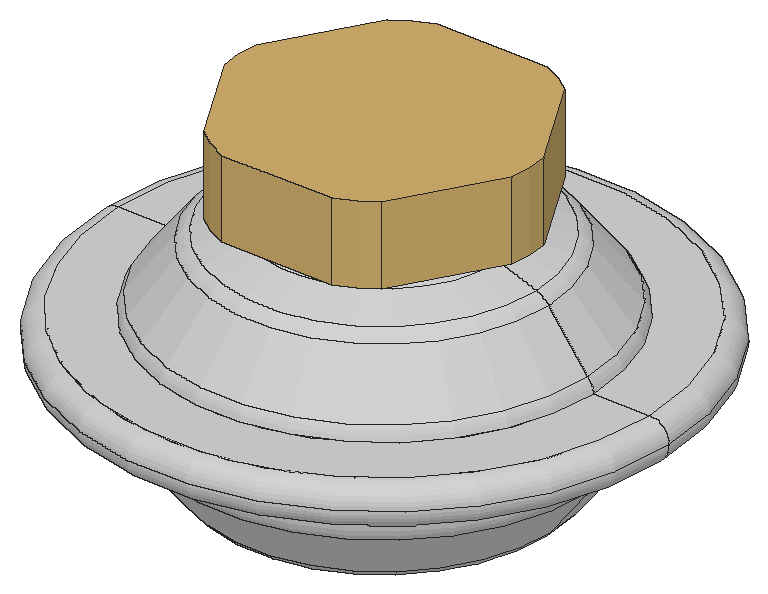
Revit family "AVP-F Actuator_Return_PN16_1", category Pipe Accessories, Revit 2019
Family settings
  Round Connector Dimension = Use Diameter
  Part Type = Normal
  OmniClass Number = 23.65.55.14.17
  OmniClass Title = Adjusting/Controlling Valves for Liquid Services
  Work Plane-Based = No
  Always vertical = Yes
  Cut with Voids When Loaded = No
  Shared = No
Parameters (values of type "AVP-F Actuator_Return_PN16_dP0.2/0.3/0.5 bar_003H6825")
  x [instance] = 0.5 mm
  URL = "https://store.danfoss.com/en/Climate-Solutions-for-heating/Pressure-and-Flow-Controllers/Accessories-for-pressure-and-flow-controllers/Actuators-and-adjustment-parts%2C-For-product-type%3A-AVP-F%2C-AVQ%2C-AVQM/p/003H6825"
  Nominal Pressure = "PN 16"  # constant formula
  Model Type = "AVP-F Actuator_Return_PN16_dP0.2/0.3/0.5 bar"
  Model = "003H6825"
  Manufacturer = "Danfoss"  # constant formula
  LOD 350 [instance] = not(LOD 200)  # yes
  LOD 200 [instance] = no
  Differential Pressure Setting = "0.2 / 0.3 / 0.5 bar"  # constant formula
  Description = "Spring Actuator"  # constant formula
  Body Material = Danfoss Steel Zinc Plated
  Actuator size = 39.0 cm²  # constant formula
Reference planes
  plane 1 "Center (Front/Back)": y = 0
  plane 2: z = 0
  plane 3 "Center (Left/Right)": x = 0
  plane 4: z = -2.5
  plane 5: through (-46.988, -1524, -65.521) normal (-0.6149, 0, 0.7886)
  plane 6: through (-56.101, -1524, -66.25) normal (-0.7886, 0, -0.6149)
  plane 7: z = 30.2
  plane 8: z = -17
Forms (mm)
  Extrusion 1, solid, material "Danfoss Brass", visible <- "LOD 350"
    sketch origin (0, 0, 0) x (1, 0, 0) y (0, 1, 0)
      loop
        line (-16.552, 21.332) -> (-26.75, 3.668)
        arc (-26.75, 3.668) -> (-27.095, 0) -> (-26.75, -3.668) r 19.648
        line (-26.75, -3.668) -> (-16.552, -21.332)
        arc (-16.552, -21.332) -> (-13.528, -23.431) -> (-10.198, -25) r 22.11
        line (-10.198, -25) -> (10.198, -25)
        arc (10.198, -25) -> (13.498, -23.379) -> (16.552, -21.332) r 27.516
        line (16.552, -21.332) -> (26.75, -3.668)
        arc (26.75, -3.668) -> (27.042, 0) -> (26.75, 3.668) r 23.157
        line (26.75, 3.668) -> (16.552, 21.332)
        arc (16.552, 21.332) -> (13.519, 23.415) -> (10.198, 25) r 23.5
        line (10.198, 25) -> (-10.198, 25)
        arc (-10.198, 25) -> (-13.516, 23.41) -> (-16.552, 21.332) r 24.007
    from -17 to -2.5
  Revolve 2, solid, material "Danfoss Steel Zinc Plated" <- "Body Material", visible <- "LOD 350"
    sketch origin (0, 0, 0) x (1, 0, 0) y (0, 0, 1)
      loop
        line (0, -17) -> (0, -66.707) -> (19.708, -66.707)
        arc (19.708, -66.707) -> (20.688, -66.628) -> (21.635, -66.367) r 5.188
        line (21.635, -66.367) -> (28.575, -63.721)
        arc (28.575, -63.721) -> (29.895, -63.02) -> (30.97, -61.981) r 5.37
        line (30.97, -61.981) -> (38.335, -52.554)
        arc (38.335, -52.554) -> (39.31, -50.674) -> (39.503, -48.564) r 5.501
        arc (39.503, -48.564) -> (40.285, -46.536) -> (42.234, -45.573) r 2.992
        line (42.234, -45.573) -> (45.232, -45.311)
        arc (45.232, -45.311) -> (46.799, -44.913) -> (48.006, -43.836) r 3.403
        arc (48.006, -43.836) -> (48.357, -43.523) -> (48.813, -43.407) r 0.99
        arc (48.813, -43.407) -> (51.792, -42.517) -> (52.988, -39.647) r 3.629
        arc (52.988, -39.647) -> (52.057, -37.019) -> (49.5, -35.907) r 3.497
        line (49.5, -35.907) -> (38.992, -35.907)
        arc (38.992, -35.907) -> (38.58, -34.671) -> (37.898, -33.561) r 5.686
        line (37.898, -33.561) -> (30.555, -24.214)
        arc (30.555, -24.214) -> (29.562, -23.224) -> (28.362, -22.501) r 5.816
        line (28.362, -22.501) -> (21.542, -20.019)
        arc (21.542, -20.019) -> (20.791, -19.734) -> (20, -19.592) r 4.397
        line (20, -19.592) -> (20, -17) -> (0, -17)
      axis (0, -66.707) -> (0, -17)
    angle from 0 to 360
  Revolve 3, solid, material "Danfoss Brass", visible <- "LOD 350"
    sketch origin (0, 0, 0) x (1, 0, 0) y (0, 0, 1)
      loop
        line (-39.777, -59.898) -> (-33.863, -55.286) -> (-35.575, -53.091) -> (-39.105, -52.658) -> (-40.661, -53.872)
        arc (-40.661, -53.872) -> (-40.459, -55.185) -> (-41.749, -55.503) r 0.984
        line (-41.749, -55.503) -> (-42.654, -56.21) -> (-39.777, -59.898)
      axis (-39.777, -59.898) -> (-33.863, -55.286)
    angle from 0 to 360
  Revolve 4, solid, material "Danfoss Brass", visible <- "LOD 350"
    sketch origin (0, 0, 0) x (1, 0, 0) y (0, 0, 1)
      loop
        line (-52.907, -70.137) -> (-49.22, -74.864) -> (-43.999, -70.792) -> (-47.685, -66.065) -> (-52.907, -70.137)
      axis (-52.907, -70.137) -> (-47.685, -66.065)
    angle from 0 to 360
  Sweep 5, solid, material "Danfoss Brass", visible <- "LOD 350"
    path origin (0, 0, 0) x (1, 0, 0) y (0, 0, 1)
      loop
        line (-47.685, -66.065) -> (-39.777, -59.898)
    profile origin (-43.731, 0, -62.982) x (-0.614942, 0, 0.788572) y (0, -1, 0)
      loop
        line (2.826, 6.059) -> (-3.835, 5.477) -> (-6.66, -0.583) -> (-2.826, -6.059) -> (3.835, -5.477) -> (6.66, 0.583) -> (2.826, 6.059)
  Extrusion 6, solid, material "Danfoss Brass", visible <- "LOD 200"
    sketch origin (0, 0, 0) x (1, 0, 0) y (0, 1, 0)
      loop
        circle (0, 0) r 27.023
    from -17 to -2.5
  Sweep 7, solid, material "Danfoss Brass", visible <- "LOD 200"
    path origin (0, 0, 0) x (1, 0, 0) y (0, 0, 1)
      loop
        line (-52.789, -70.045) -> (-34.977, -56.155)
    profile origin (-43.883, 0, -63.1) x (-0.614942, 0, 0.788572) y (0, -1, 0)
      loop
        circle (0, 0) r 6.087
  Revolve 8, solid, material "Danfoss Steel Zinc Plated" <- "Body Material", visible <- "LOD 200"
    sketch origin (0, 0, 0) x (1, 0, 0) y (0, 0, 1)
      loop
        line (0, -17.003) -> (0, -66.756) -> (19.543, -66.756)
        arc (19.543, -66.756) -> (32.885, -59.271) -> (40.33, -45.907) r 28.104
        line (40.33, -45.907) -> (52.757, -45.907) -> (52.757, -35.907) -> (39.411, -35.907)
        arc (39.411, -35.907) -> (31.749, -24.958) -> (21.012, -17.003) r 41.617
        line (21.012, -17.003) -> (0, -17.003)
      axis (0, -17.003) -> (0, -66.756)
    angle from 0 to 360
Dimensions and locks
  locked: plane 7 to level at 30.2
  locked: level to plane 8 at 17
  aligned and locked: level to plane 2
  aligned and locked: plane 4 to Extrusion 1
